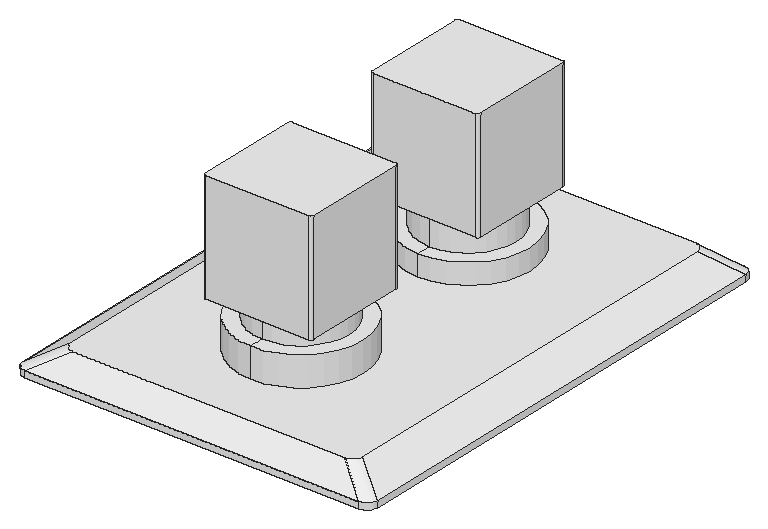
Revit family "Mixing-Valve-Trim_Thermostatic_Contemporary_Lloyd_TS930C_TOTO", category Plumbing Fixtures, host Face, Revit 2013
Parameters (values of type "TS930C")
  ecoScorecard_data = " "
  ecoScorecard Product Page = "  "
  Width = 6.68898"  # constant formula
  Waste Connection = no
  Warranty URL = "http://www.totousa.com/warranty-registration"
  Warranty = "Limited Lifetime (Residential); One Year (Commercial)"
  WFU = 0
  Vent Connection = no
  URL = "http://www.totousa.com"
  Toto BIM Number = "BM-00167"  # constant formula
  Subcategory = "Mixing Valve"  # constant formula
  Style = "Contemporary"  # constant formula
  Spec Sheet URL = "http://assets.totousa.com/product-files/SS-00134_TS930C.pdf"
  Shipping Weight = 5.50 lbf
  Series = "Lloyd"  # constant formula
  Product Page URL = " "
  Parts Manual URL = " "
  Owners Manual URL = "  "
  Model = "TS930C"
  Material = "Brass"
  Manufacturer Phone - Toll Free = "1-888-295-8134"  # constant formula
  Manufacturer Phone = "(770) 282-8686"  # constant formula
  Manufacturer Fax = "(770) 282-0002"  # constant formula
  Manufacturer Email = "mailto:custservice@totousa.com"
  Manufacturer Address = "1155 Southern Road, Morrow, Georgia 30260"  # constant formula
  Manufacturer = "TOTO USA, Inc."  # constant formula
  Installation URL = " "
  Industry Standards = "Meets and exceeds ASME A112.19.2/CSA B45.1"
  Height = 9.06299"  # constant formula
  HWFU = 0
  HW Connection = yes
  Finish = Metal - TOTO - Chrome - Polished
  Description = "LloydÂ® Thermostatic Mixing Valve Trim with Single Volume Control"
  Depth = 3 1/2"  # constant formula
  Default Elevation = 43.47244"
  Cost Info = "mailto:custservice@totousa.com "
  Color Availability = "#CP Polished Chrome, #BN Brushed Nickel, #PN Polished Nickel"
  Code Compliance = "UPC, IPC, NSPC, NPC Canada, and others"
  Certifications = "IAPMO(cUPC), State of Massachusetts, City of Los Angeles"
  CWFU = 0
  CW Connection = yes
  CAD Drawing URL = "http://assets.totousa.com/product-files/AD-00005_TS930C.dxf"
  Assembly Code = "D2010710"
  ADA Compliant = no
  95 CSI = "15410"  # constant formula
  04 CSI = "22 42 13"  # constant formula
Reference planes (in)
  plane 1 "Center (Front/Back)": y = 0
  plane 2: z = 0
  plane 3 "Center (Left/Right)": x = 0
  plane 4: y = 4.5315
  plane 5: y = -4.5315
  plane 6: x = 3.34449
  plane 7: x = -3.34449
  plane 8: z = 3.5
  plane 9: z = 0.11575
  plane 10: y = 1.97
  plane 11: y = -1.97
  plane 12: z = 2.64646
  plane 13: z = -0.125
  plane 14: x = 1.6875
  plane 15: x = -1.6875
  plane 16: z = 1.41378
  plane 17: z = 0.47244
Forms (in)
  Extrusion 1, solid, material "Metal - TOTO - Chrome - Polished" <- "Finish", detail levels fine
    sketch origin (5.61193, -180, -0.125) x (-1, 0, 0) y (0, -1, 0)
      loop
        circle (3.92443, -180) r 0.25
      loop
        circle (7.29943, -180) r 0.25
    from 0 to 0.125
  Extrusion 2, solid, material "Metal - TOTO - Chrome - Polished" <- "Finish"
    sketch origin (0, 0, 0) x (1, 0, 0) y (0, 1, 0)
      loop
        arc (-3.14764, 4.5315) -> (-3.28683, 4.47384) -> (-3.34449, 4.33465) r 0.19685
        line (-3.34449, 4.33465) -> (-3.34449, -4.33465)
        arc (-3.34449, -4.33465) -> (-3.28683, -4.47384) -> (-3.14764, -4.5315) r 0.19685
        line (-3.14764, -4.5315) -> (3.14764, -4.5315)
        arc (3.14764, -4.5315) -> (3.28683, -4.47384) -> (3.34449, -4.33465) r 0.19685
        line (3.34449, -4.33465) -> (3.34449, 4.33465)
        arc (3.34449, 4.33465) -> (3.28683, 4.47384) -> (3.14764, 4.5315) r 0.19685
        line (3.14764, 4.5315) -> (-3.14764, 4.5315)
    from 0 to 0.11575
  Blend 3, solid, material "Metal - TOTO - Chrome - Polished" <- "Finish"
    base sketch origin (5.61193, -180, 0.11575) x (-1, 0, 0) y (0, -1, 0)
      loop
        line (8.95642, -184.33465) -> (8.95642, -175.66535)
        arc (8.95642, -175.66535) -> (8.89877, -175.52616) -> (8.75957, -175.4685) r 0.19685
        line (8.75957, -175.4685) -> (2.4643, -175.4685)
        arc (2.4643, -175.4685) -> (2.3251, -175.52616) -> (2.26744, -175.66535) r 0.19685
        line (2.26744, -175.66535) -> (2.26744, -184.33465)
        arc (2.26744, -184.33465) -> (2.3251, -184.47384) -> (2.4643, -184.5315) r 0.19685
        line (2.4643, -184.5315) -> (8.75957, -184.5315)
        arc (8.75957, -184.5315) -> (8.89877, -184.47384) -> (8.95642, -184.33465) r 0.19685
    top sketch origin (5.61193, -180, 0.11575) x (-1, 0, 0) y (0, -1, 0)
      loop
        line (3.05485, -184.1378) -> (8.16902, -184.1378)
        arc (8.16902, -184.1378) -> (8.30821, -184.08014) -> (8.36587, -183.94094) r 0.19685
        line (8.36587, -183.94094) -> (8.36587, -176.05906)
        arc (8.36587, -176.05906) -> (8.30821, -175.91986) -> (8.16902, -175.8622) r 0.19685
        line (8.16902, -175.8622) -> (3.05485, -175.8622)
        arc (3.05485, -175.8622) -> (2.91565, -175.91986) -> (2.858, -176.05906) r 0.19685
        line (2.858, -176.05906) -> (2.858, -183.94094)
        arc (2.858, -183.94094) -> (2.91565, -184.08014) -> (3.05485, -184.1378) r 0.19685
    from 0 to 0.35669
  Revolve 4, solid, material "Metal - TOTO - Chrome - Polished" <- "Finish"
    sketch origin (0, 0, 0) x (0, 1, 0) y (0, 0, 1)
      loop
        line (-1.97, 0.47244) -> (-0.7889, 0.47244) -> (-0.7889, 1.02913) -> (-1.06449, 1.02913) -> (-1.06449, 1.41378) -> (-1.97, 1.41378) -> (-1.97, 0.47244)
      axis (-1.97, 0.47244) -> (-1.97, 1.41378)
    angle from 0 to 360
  Revolve 5, solid, material "Metal - TOTO - Chrome - Polished" <- "Finish"
    sketch origin (0, 3.94, 0) x (0, 1, 0) y (0, 0, 1)
      loop
        line (-1.97, 0.47244) -> (-0.7889, 0.47244) -> (-0.7889, 0.86378) -> (-1.06449, 0.86378) -> (-1.06449, 1.41378) -> (-1.97, 1.41378) -> (-1.97, 0.47244)
      axis (-1.97, 0.47244) -> (-1.97, 1.41378)
    angle from 0 to 360
  Extrusion 6, solid, material "Metal - TOTO - Chrome - Polished" <- "Finish"
    sketch origin (5.61193, -180, 1.41378) x (-1, 0, 0) y (0, -1, 0)
      loop
        arc (6.5765, -182.99362) -> (6.61826, -182.97633) -> (6.63556, -182.93457) r 0.05906
        line (6.63556, -182.93457) -> (6.63556, -181.00543)
        arc (6.63556, -181.00543) -> (6.61826, -180.96367) -> (6.5765, -180.94638) r 0.05906
        line (6.5765, -180.94638) -> (4.64737, -180.94638)
        arc (4.64737, -180.94638) -> (4.60561, -180.96367) -> (4.58831, -181.00543) r 0.05906
        line (4.58831, -181.00543) -> (4.58831, -182.93457)
        arc (4.58831, -182.93457) -> (4.60561, -182.97633) -> (4.64737, -182.99362) r 0.05906
        line (4.64737, -182.99362) -> (6.5765, -182.99362)
      loop
        arc (6.5765, -179.05362) -> (6.61826, -179.03633) -> (6.63556, -178.99457) r 0.05906
        line (6.63556, -178.99457) -> (6.63556, -177.06543)
        arc (6.63556, -177.06543) -> (6.61826, -177.02367) -> (6.5765, -177.00638) r 0.05906
        line (6.5765, -177.00638) -> (4.64737, -177.00638)
        arc (4.64737, -177.00638) -> (4.60561, -177.02367) -> (4.58831, -177.06543) r 0.05906
        line (4.58831, -177.06543) -> (4.58831, -178.99457)
        arc (4.58831, -178.99457) -> (4.60561, -179.03633) -> (4.64737, -179.05362) r 0.05906
        line (4.64737, -179.05362) -> (6.5765, -179.05362)
    from 0 to 2.08622
  Revolve 7, solid, material "Plastic - TOTO - Black", detail levels fine
    sketch origin (0, 0, 0) x (0, 1, 0) y (0, 0, 1)
      loop
        line (-0.94638, 2.88268) -> (-0.94638, 2.64646) -> (-0.69559, 2.64646)
        arc (-0.69559, 2.64646) -> (-0.70441, 2.76577) -> (-0.72984, 2.88268) r 0.85283
        line (-0.72984, 2.88268) -> (-0.94638, 2.88268)
      axis (-0.94638, 2.64646) -> (-0.69559, 2.64646)
    angle from 0 to 360
  Extrusion 8, solid, material "Metal - TOTO - Chrome - Polished" <- "Finish", detail levels fine
    sketch origin (5.61193, -180, -0.125) x (-1, 0, 0) y (0, -1, 0)
      loop
        circle (5.61193, -181.97) r 0.25
      loop
        circle (5.61193, -180) r 0.25
      loop
        circle (5.61193, -178.03) r 0.25
    from 0 to 0.125
Lines and regions (in)
  Masking region 1
    outline origin (7, -4.5315, 48) x (-1, 0, 0) y (0, 0, 1)
      loop
        line (5.97638, -44.5) -> (5.97638, -46.58622) -> (6.09433, -46.58622) -> (6.09433, -47.13622) -> (5.8189, -47.13622) -> (5.8189, -47.52756) -> (4.24409, -47.52756) -> (3.65551, -47.88425) -> (3.65551, -48) -> (10.34449, -48) -> (10.34449, -47.88425) -> (9.75591, -47.52756) -> (8.1811, -47.52756) -> (8.1811, -47.13622) -> (7.90567, -47.13622) -> (7.90567, -46.58622) -> (8.02362, -46.58622) -> (8.02362, -44.5) -> (5.97638, -44.5)
  symbolic lines, detail levels fine
    curve 1: line (-3.34449, -4.5315, 0.11575) -> (3.34449, -4.5315, 0.11575)
  symbolic lines
    curve 2: line (1.1811, -4.5315, 0.47244) -> (-1.1811, -4.5315, 0.47244)
    curve 3: line (0.90567, -4.5315, 0.86378) -> (-0.90567, -4.5315, 0.86378)
    curve 4: line (-0.90567, -4.5315, 1.41378) -> (0.90567, -4.5315, 1.41378)
Dimensions and locks (in)
  equal spacing: plane 5, plane 1 "Center (Front/Back)", plane 4
  "Height": plane 5 to plane 4
  equal spacing: plane 7, plane 3 "Center (Left/Right)", plane 6
  "Width": plane 7 to plane 6
  "Depth": plane 8 to plane 2
  equal spacing: plane 11, plane 1 "Center (Front/Back)", plane 10
  locked: plane 11 to plane 10 at 3.94
  locked: plane 2 to plane 13 at 0.125
  plane 15 to plane 3 "Center (Left/Right)" to plane 14 = 1 11/16" locked, 1 11/16" locked
  locked: plane 1 "Center (Front/Back)" to Extrusion 1 sketch curve at 0  (x2)
  locked: plane 14 to Extrusion 1 sketch curve at 0
  locked: plane 15 to Extrusion 1 sketch curve at 0
  locked: plane 9 to plane 2 at 0.11575
  locked: Revolve 4 sketch curve to Revolve 4 sketch curve at 0.38465
  Extrusion 6 sketch curve to plane 11 to Extrusion 6 sketch curve = 1.02362" locked, 1.02362" locked
  Extrusion 6 sketch curve to plane 3 "Center (Left/Right)" to Extrusion 6 sketch curve = 1.02362" locked, 1.02362" locked  (x2)
  Extrusion 6 sketch curve to plane 10 to Extrusion 6 sketch curve = 1.02362" locked, 1.02362" locked
  locked: plane 12 to plane 2 at 2.64646
  locked: plane 11 to Revolve 7 sketch curve at 1.02362
  Revolve 7 sketch curve to Revolve 7 sketch curve to Revolve 7 sketch curve = 0.21654" locked, 0.03425" locked
  locked: plane 2 to Masking region 1 sketch curve at 0.86378  (x2)
  Masking region 1 sketch curve to Masking region 1 sketch curve to plane 3 "Center (Left/Right)" to Masking region 1 sketch curve to Masking region 1 sketch curve = 0.11795" locked, 0.90567" locked, 0.90567" locked, 0.11795" locked
  Masking region 1 sketch curve to plane 3 "Center (Left/Right)" to Masking region 1 sketch curve = 1.1811" locked, 1.1811" locked
  Masking region 1 sketch curve to plane 3 "Center (Left/Right)" to Masking region 1 sketch curve = 2.75591" locked, 2.75591"
  locked: plane 10 to Extrusion 8 sketch curve at 0
  locked: plane 11 to Extrusion 8 sketch curve at 0
  locked: plane 1 "Center (Front/Back)" to Extrusion 8 sketch curve at 0
  locked: plane 3 "Center (Left/Right)" to Extrusion 8 sketch curve at 0  (x3)
  locked: plane 8 to plane 16 at 2.08622
  locked: plane 17 to plane 2 at 0.47244
  locked: Extrusion 1 sketch curve to Extrusion 1 sketch curve (radius 1/4")  (x2)
  radius of Extrusion 2 sketch curve = 0.19685"  (x4)
  radius of Extrusion 6 sketch curve = 0.05906"  (x8)
  locked: Extrusion 8 sketch curve to Extrusion 8 sketch curve (radius 1/4")  (x3)
  aligned and locked: plane 2 to host face
  aligned and locked: level to host face
  aligned and locked: Extrusion 1 to plane 13
  aligned and locked: plane 2 to Extrusion 1
  aligned and locked: Extrusion 2 sketch curve to plane 6
  aligned and locked: Extrusion 2 sketch curve to plane 4
  aligned and locked: Extrusion 2 sketch curve to plane 7
  aligned and locked: Extrusion 2 sketch curve to plane 5
  aligned and locked: plane 9 to Extrusion 2
  aligned and locked: Extrusion 2 to plane 2
  aligned and locked: Blend 3 sketch curve to Extrusion 2  (x4)
  aligned and locked: Blend 3 to plane 9
  aligned and locked: plane 11 to Revolve 4 sketch curve
  aligned and locked: Revolve 4 sketch curve to plane 11
  aligned and locked: Revolve 4 sketch curve to plane 3 "Center (Left/Right)"
  aligned and locked: Revolve 5 sketch curve to plane 10
  aligned and locked: Revolve 5 sketch curve to plane 3 "Center (Left/Right)"
  aligned and locked: Extrusion 6 to plane 16
  aligned and locked: plane 8 to Extrusion 6
  aligned and locked: Revolve 7 sketch curve to plane 12
  aligned and locked: Masking region 1 sketch curve to Extrusion 6
  aligned and locked: Masking region 1 sketch curve to Blend 3
  aligned and locked: Masking region 1 sketch curve to Extrusion 2
  aligned and locked: Masking region 1 sketch curve to plane 16
  aligned and locked: plane 16 to Masking region 1 sketch curve
  aligned and locked: Masking region 1 sketch curve to plane 9  (x2)
  aligned and locked: Blend 3 to curve 1
  aligned and locked: plane 6 to curve 1
  aligned and locked: plane 7 to curve 1
  aligned and locked: Masking region 1 to curve 2  (x2)
  aligned and locked: Masking region 1 to curve 3
  aligned and locked: curve 3 to Masking region 1
  aligned and locked: Masking region 1 to curve 4
  aligned and locked: curve 4 to Masking region 1
  aligned and locked: plane 16 to curve 4
  aligned and locked: curve 2 to Blend 3
  aligned and locked: curve 3 to Revolve 5
  aligned and locked: plane 2 to Extrusion 8
  aligned and locked: Extrusion 8 to plane 13
  aligned and locked: plane 16 to Revolve 4 sketch curve
  aligned and locked: plane 16 to Revolve 5 sketch curve
  aligned and locked: plane 17 to Blend 3
  aligned and locked: Revolve 4 sketch curve to plane 17
  aligned and locked: Revolve 5 sketch curve to plane 17
  aligned and locked: plane 17 to Masking region 1 sketch curve
Automatic sketch dimensions
  Revolve 4 sketch curve to plane 11 = 0.90551"
  Revolve 4 sketch curve to Revolve 4 sketch curve = 0.27559"
  Revolve 4 sketch curve to Revolve 4 sketch curve = 0.43307"
  Revolve 4 sketch curve to plane 12 = 0.42444"
  host sketch curve to host sketch curve = 39.20705"
  host sketch curve to host sketch curve = 40.01813"
  Blend 3 sketch curve to plane 6 = 0.59055"
  Blend 3 sketch curve to Blend 3 sketch curve = 0.19685"  (x3)
  Blend 3 sketch curve to plane 5 = 0.3937"
  Blend 3 sketch curve to plane 7 = 0.7874"  (x2)
  Blend 3 sketch curve to plane 4 = 0.59055"
  Revolve 5 sketch curve to plane 10 = 0"
  plane 10 to Revolve 5 sketch curve = 0.90551"
  Revolve 5 sketch curve to Revolve 5 sketch curve = 0.27559"
  Revolve 5 sketch curve to Revolve 5 sketch curve = 0.43307"
  Revolve 5 sketch curve to plane 12 = 0.42444"
  Revolve 7 sketch curve to plane 12 = 0"
  Revolve 7 sketch curve to plane 12 = 0.00307"
  Revolve 7 sketch curve to plane 11 = 0.42159"
  Revolve 7 sketch curve to Revolve 7 sketch curve = 0.18869"
  plane 1 "Center (Front/Back)" to Revolve 7 sketch curve = 0.22999"
  curve 1 to plane 9 = 0"
  Masking region 1 sketch curve to plane 6 = 0"
  plane 7 to Masking region 1 sketch curve = 0"
Connectors (in)
  piping at (1.6875, 0, 0), driven by "CWFU"
    settings: on Extrusion 1, index 1, connector radius 1/4", flow factor 0, pipe flow 0.000 GPM, pressure drop 0.00 psi, fitting loss kfactor 0, connector angle 0.00°, fixture units 0, engagement length 0", flow configuration 3, flow direction 1, fitting loss method 4, system type 20, joint type 0, gender type 0, connector reference index -1, connector utility 0, adjustable connector no, is connector primary yes, fitting loss table "", connector description "Cold Water Inlet Connection"
  piping at (-1.6875, 0, 0), driven by "HWFU"
    settings: on Extrusion 1, index 2, connector radius 1/4", flow factor 0, pipe flow 0.000 GPM, pressure drop 0.00 psi, fitting loss kfactor 0, connector angle 0.00°, fixture units 0, engagement length 0", flow configuration 3, flow direction 1, fitting loss method 4, system type 19, joint type 0, gender type 0, connector reference index -1, connector utility 0, adjustable connector no, is connector primary no, fitting loss table "", connector description "Hot Water Inlet Connection"
  piping at (0, 1.97, 0), driven by "HWFU"
    settings: on Extrusion 8, index 3, connector radius 1/4", flow factor 0, pipe flow 0.000 GPM, pressure drop 0.00 psi, fitting loss kfactor 0, connector angle 0.00°, fixture units 0, engagement length 0", flow configuration 3, flow direction 2, fitting loss method 0, system type 19, joint type 0, gender type 0, connector reference index -1, connector utility 0, adjustable connector no, is connector primary no, fitting loss table "", connector description "Tempered Water Showerhead Connection"
  piping at (0, 0, 0), driven by "HWFU"
    settings: on Extrusion 8, index 4, connector radius 1/4", flow factor 0, pipe flow 0.000 GPM, pressure drop 0.00 psi, fitting loss kfactor 0, connector angle 0.00°, fixture units 0, engagement length 0", flow configuration 3, flow direction 2, fitting loss method 0, system type 19, joint type 0, gender type 0, connector reference index -1, connector utility 0, adjustable connector no, is connector primary no, fitting loss table "", connector description "Tempered Water Auxiliary Connection"
  piping at (0, -1.97, 0), driven by "HWFU"
    settings: on Extrusion 8, index 5, connector radius 1/4", flow factor 0, pipe flow 0.000 GPM, pressure drop 0.00 psi, fitting loss kfactor 0, connector angle 0.00°, fixture units 0, engagement length 0", flow configuration 3, flow direction 2, fitting loss method 0, system type 19, joint type 0, gender type 0, connector reference index -1, connector utility 0, adjustable connector no, is connector primary no, fitting loss table "", connector description "Tempered Water Tub Spout Connection"
